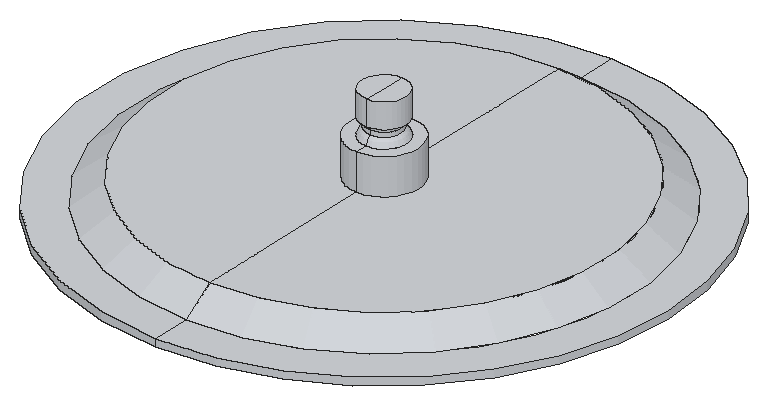
Revit family "BRG-GRF-DCH_ BRIGGS REG. RED. SLIM ABS CROMO 30 CM", category Aparatos sanitarios, Revit 2020 (continued)
Definition of nested family "REJILLA"
  Automatic sketch dimensions
    profile plane to SweptBlend 18 sketch curve = 0.00 m  (x2)
    SweptBlend 18 sketch curve to profile plane = 0.00 m  (x2)
    SweptBlend 19 sketch curve to level = 0.056 m
    SweptBlend 19 sketch curve to SweptBlend 19 sketch curve = 0.003 m
    profile plane to SweptBlend 19 sketch curve = 0.00 m  (x2)
    SweptBlend 19 sketch curve to profile plane = 0.00 m  (x2)
    plane 3 "Centro (Izquierda/Derecha)" to SweptBlend 20 sketch curve = 0.032 m
    SweptBlend 20 sketch curve to level = 0.059 m
    SweptBlend 20 sketch curve to SweptBlend 20 sketch curve = 0.003 m
    SweptBlend 20 sketch curve to profile plane = 0.00 m  (x4)
    SweptBlend 21 sketch curve to level = 0.056 m
    SweptBlend 21 sketch curve to SweptBlend 21 sketch curve = 0.003 m
    SweptBlend 21 sketch curve to profile plane = 0.00 m  (x4)
    SweptBlend 22 sketch curve to level = 0.056 m
    SweptBlend 22 sketch curve to SweptBlend 22 sketch curve = 0.003 m
    SweptBlend 22 sketch curve to profile plane = 0.00 m  (x4)
    SweptBlend 23 sketch curve to level = 0.056 m
    SweptBlend 23 sketch curve to SweptBlend 23 sketch curve = 0.003 m
    SweptBlend 23 sketch curve to profile plane = 0.00 m  (x2)
    profile plane to SweptBlend 23 sketch curve = 0.00 m  (x2)
    SweptBlend 24 sketch curve to level = 0.056 m
    SweptBlend 24 sketch curve to SweptBlend 24 sketch curve = 0.003 m
    SweptBlend 24 sketch curve to profile plane = 0.00 m  (x2)
    profile plane to SweptBlend 24 sketch curve = 0.00 m  (x2)
    SweptBlend 25 sketch curve to level = 0.056 m
    SweptBlend 25 sketch curve to SweptBlend 25 sketch curve = 0.003 m
    SweptBlend 25 sketch curve to profile plane = 0.00 m  (x2)
    profile plane to SweptBlend 25 sketch curve = 0.00 m  (x2)
    SweptBlend 26 sketch curve to plane 3 "Centro (Izquierda/Derecha)" = 0.052 m
    SweptBlend 26 sketch curve to level = 0.059 m
    SweptBlend 26 sketch curve to SweptBlend 26 sketch curve = 0.003 m
    SweptBlend 26 sketch curve to profile plane = 0.00 m  (x2)
    profile plane to SweptBlend 26 sketch curve = 0.00 m  (x2)
    SweptBlend 27 sketch curve to level = 0.056 m
    SweptBlend 27 sketch curve to SweptBlend 27 sketch curve = 0.003 m
    profile plane to SweptBlend 27 sketch curve = 0.00 m  (x4)
    SweptBlend 28 sketch curve to level = 0.056 m
    SweptBlend 28 sketch curve to SweptBlend 28 sketch curve = 0.003 m
    profile plane to SweptBlend 28 sketch curve = 0.00 m  (x4)
    SweptBlend 29 sketch curve to level = 0.056 m
    SweptBlend 29 sketch curve to SweptBlend 29 sketch curve = 0.003 m
    profile plane to SweptBlend 29 sketch curve = 0.00 m  (x4)
    SweptBlend 30 sketch curve to plane 1 "Centro (Frontal/Posterior)" = 0.052 m
    SweptBlend 30 sketch curve to level = 0.059 m
    SweptBlend 30 sketch curve to SweptBlend 30 sketch curve = 0.003 m
    profile plane to SweptBlend 30 sketch curve = 0.00 m  (x2)
    SweptBlend 30 sketch curve to profile plane = 0.00 m  (x2)
    SweptBlend 31 sketch curve to level = 0.056 m
    SweptBlend 31 sketch curve to SweptBlend 31 sketch curve = 0.003 m
    profile plane to SweptBlend 31 sketch curve = 0.00 m  (x2)
    SweptBlend 31 sketch curve to profile plane = 0.00 m  (x2)
    SweptBlend 32 sketch curve to level = 0.056 m
    SweptBlend 32 sketch curve to SweptBlend 32 sketch curve = 0.003 m
    profile plane to SweptBlend 32 sketch curve = 0.00 m  (x2)
    SweptBlend 32 sketch curve to profile plane = 0.00 m  (x2)
    SweptBlend 33 sketch curve to level = 0.056 m
    SweptBlend 33 sketch curve to SweptBlend 33 sketch curve = 0.003 m
    profile plane to SweptBlend 33 sketch curve = 0.00 m  (x2)
    SweptBlend 33 sketch curve to profile plane = 0.00 m  (x2)
    plane 3 "Centro (Izquierda/Derecha)" to SweptBlend 34 sketch curve = 0.052 m
    SweptBlend 34 sketch curve to level = 0.059 m
    SweptBlend 34 sketch curve to SweptBlend 34 sketch curve = 0.003 m
    SweptBlend 34 sketch curve to profile plane = 0.00 m  (x4)
    SweptBlend 35 sketch curve to level = 0.056 m
    SweptBlend 35 sketch curve to SweptBlend 35 sketch curve = 0.003 m
    SweptBlend 35 sketch curve to profile plane = 0.00 m  (x4)
    SweptBlend 36 sketch curve to level = 0.056 m
    SweptBlend 36 sketch curve to SweptBlend 36 sketch curve = 0.003 m
    SweptBlend 36 sketch curve to profile plane = 0.00 m  (x4)
    SweptBlend 37 sketch curve to level = 0.056 m
    SweptBlend 37 sketch curve to SweptBlend 37 sketch curve = 0.003 m
    SweptBlend 37 sketch curve to profile plane = 0.00 m  (x4)
    SweptBlend 38 sketch curve to level = 0.056 m
    SweptBlend 38 sketch curve to SweptBlend 38 sketch curve = 0.003 m
    SweptBlend 38 sketch curve to profile plane = 0.00 m  (x2)
    profile plane to SweptBlend 38 sketch curve = 0.00 m  (x2)
    SweptBlend 39 sketch curve to level = 0.056 m
    SweptBlend 39 sketch curve to SweptBlend 39 sketch curve = 0.003 m
    SweptBlend 39 sketch curve to profile plane = 0.00 m  (x2)
    profile plane to SweptBlend 39 sketch curve = 0.00 m  (x2)
    SweptBlend 40 sketch curve to level = 0.056 m
    SweptBlend 40 sketch curve to SweptBlend 40 sketch curve = 0.003 m
    SweptBlend 40 sketch curve to profile plane = 0.00 m  (x2)
    profile plane to SweptBlend 40 sketch curve = 0.00 m  (x2)
    SweptBlend 41 sketch curve to level = 0.056 m
    SweptBlend 41 sketch curve to SweptBlend 41 sketch curve = 0.003 m
    SweptBlend 41 sketch curve to profile plane = 0.00 m  (x2)
    profile plane to SweptBlend 41 sketch curve = 0.00 m  (x2)
    SweptBlend 42 sketch curve to level = 0.056 m
    SweptBlend 42 sketch curve to SweptBlend 42 sketch curve = 0.003 m
    SweptBlend 42 sketch curve to profile plane = 0.00 m  (x2)
    profile plane to SweptBlend 42 sketch curve = 0.00 m  (x2)
    SweptBlend 43 sketch curve to plane 3 "Centro (Izquierda/Derecha)" = 0.073 m
    SweptBlend 43 sketch curve to level = 0.059 m
    SweptBlend 43 sketch curve to SweptBlend 43 sketch curve = 0.003 m
    SweptBlend 43 sketch curve to profile plane = 0.00 m  (x2)
    profile plane to SweptBlend 43 sketch curve = 0.00 m  (x2)
    SweptBlend 44 sketch curve to level = 0.056 m
    SweptBlend 44 sketch curve to SweptBlend 44 sketch curve = 0.003 m
    profile plane to SweptBlend 44 sketch curve = 0.00 m  (x4)
    SweptBlend 45 sketch curve to level = 0.056 m
    SweptBlend 45 sketch curve to SweptBlend 45 sketch curve = 0.003 m
    profile plane to SweptBlend 45 sketch curve = 0.00 m  (x4)
    SweptBlend 46 sketch curve to level = 0.056 m
    SweptBlend 46 sketch curve to SweptBlend 46 sketch curve = 0.003 m
    profile plane to SweptBlend 46 sketch curve = 0.00 m  (x4)
    SweptBlend 47 sketch curve to level = 0.056 m
    SweptBlend 47 sketch curve to SweptBlend 47 sketch curve = 0.003 m
    profile plane to SweptBlend 47 sketch curve = 0.00 m  (x4)
    SweptBlend 48 sketch curve to level = 0.056 m
    SweptBlend 48 sketch curve to SweptBlend 48 sketch curve = 0.003 m
    profile plane to SweptBlend 48 sketch curve = 0.00 m  (x4)
    SweptBlend 49 sketch curve to plane 1 "Centro (Frontal/Posterior)" = 0.073 m
    SweptBlend 49 sketch curve to level = 0.059 m
    SweptBlend 49 sketch curve to SweptBlend 49 sketch curve = 0.003 m
    profile plane to SweptBlend 49 sketch curve = 0.00 m  (x2)
    SweptBlend 49 sketch curve to profile plane = 0.00 m  (x2)
    SweptBlend 50 sketch curve to level = 0.056 m
    SweptBlend 50 sketch curve to SweptBlend 50 sketch curve = 0.003 m
    profile plane to SweptBlend 50 sketch curve = 0.00 m  (x2)
    SweptBlend 50 sketch curve to profile plane = 0.00 m  (x2)
    SweptBlend 51 sketch curve to level = 0.056 m
    SweptBlend 51 sketch curve to SweptBlend 51 sketch curve = 0.003 m
    profile plane to SweptBlend 51 sketch curve = 0.00 m  (x2)
    SweptBlend 51 sketch curve to profile plane = 0.00 m  (x2)
    SweptBlend 52 sketch curve to level = 0.056 m
    SweptBlend 52 sketch curve to SweptBlend 52 sketch curve = 0.003 m
    profile plane to SweptBlend 52 sketch curve = 0.00 m  (x2)
    SweptBlend 52 sketch curve to profile plane = 0.00 m  (x2)
    SweptBlend 53 sketch curve to level = 0.056 m
    SweptBlend 53 sketch curve to SweptBlend 53 sketch curve = 0.003 m
    profile plane to SweptBlend 53 sketch curve = 0.00 m  (x2)
    SweptBlend 53 sketch curve to profile plane = 0.00 m  (x2)
    SweptBlend 54 sketch curve to level = 0.056 m
    SweptBlend 54 sketch curve to SweptBlend 54 sketch curve = 0.003 m
    profile plane to SweptBlend 54 sketch curve = 0.00 m  (x2)
    SweptBlend 54 sketch curve to profile plane = 0.00 m  (x2)
    plane 3 "Centro (Izquierda/Derecha)" to SweptBlend 55 sketch curve = 0.073 m
    SweptBlend 55 sketch curve to level = 0.059 m
    SweptBlend 55 sketch curve to SweptBlend 55 sketch curve = 0.003 m
    SweptBlend 55 sketch curve to profile plane = 0.00 m  (x4)
    SweptBlend 56 sketch curve to level = 0.056 m
    SweptBlend 56 sketch curve to SweptBlend 56 sketch curve = 0.003 m
    SweptBlend 56 sketch curve to profile plane = 0.00 m  (x4)
    SweptBlend 57 sketch curve to level = 0.056 m
    SweptBlend 57 sketch curve to SweptBlend 57 sketch curve = 0.003 m
    SweptBlend 57 sketch curve to profile plane = 0.00 m  (x4)
    SweptBlend 58 sketch curve to level = 0.056 m
    SweptBlend 58 sketch curve to SweptBlend 58 sketch curve = 0.003 m
    SweptBlend 58 sketch curve to profile plane = 0.00 m  (x4)
    SweptBlend 59 sketch curve to level = 0.056 m
    SweptBlend 59 sketch curve to SweptBlend 59 sketch curve = 0.003 m
    SweptBlend 59 sketch curve to profile plane = 0.00 m  (x4)
    SweptBlend 60 sketch curve to level = 0.056 m
    SweptBlend 60 sketch curve to SweptBlend 60 sketch curve = 0.003 m
    SweptBlend 60 sketch curve to profile plane = 0.00 m  (x4)
    SweptBlend 61 sketch curve to level = 0.056 m
    SweptBlend 61 sketch curve to SweptBlend 61 sketch curve = 0.003 m
    SweptBlend 61 sketch curve to profile plane = 0.00 m  (x2)
    profile plane to SweptBlend 61 sketch curve = 0.00 m  (x2)
    SweptBlend 62 sketch curve to level = 0.056 m
    SweptBlend 62 sketch curve to SweptBlend 62 sketch curve = 0.003 m
    SweptBlend 62 sketch curve to profile plane = 0.00 m  (x2)
    profile plane to SweptBlend 62 sketch curve = 0.00 m  (x2)
    SweptBlend 63 sketch curve to level = 0.056 m
    SweptBlend 63 sketch curve to SweptBlend 63 sketch curve = 0.003 m
    SweptBlend 63 sketch curve to profile plane = 0.00 m  (x2)
    profile plane to SweptBlend 63 sketch curve = 0.00 m  (x2)
    SweptBlend 64 sketch curve to level = 0.056 m
    SweptBlend 64 sketch curve to SweptBlend 64 sketch curve = 0.003 m
    SweptBlend 64 sketch curve to profile plane = 0.00 m  (x2)
    profile plane to SweptBlend 64 sketch curve = 0.00 m  (x2)
    SweptBlend 65 sketch curve to level = 0.056 m
    SweptBlend 65 sketch curve to SweptBlend 65 sketch curve = 0.003 m
    SweptBlend 65 sketch curve to profile plane = 0.00 m  (x2)
    profile plane to SweptBlend 65 sketch curve = 0.00 m  (x2)
    SweptBlend 66 sketch curve to plane 3 "Centro (Izquierda/Derecha)" = 0.093 m
    SweptBlend 66 sketch curve to level = 0.059 m
    SweptBlend 66 sketch curve to SweptBlend 66 sketch curve = 0.003 m
    SweptBlend 66 sketch curve to profile plane = 0.00 m  (x2)
    profile plane to SweptBlend 66 sketch curve = 0.00 m  (x2)
    SweptBlend 67 sketch curve to level = 0.056 m
    SweptBlend 67 sketch curve to SweptBlend 67 sketch curve = 0.003 m
    profile plane to SweptBlend 67 sketch curve = 0.00 m  (x4)
    SweptBlend 68 sketch curve to level = 0.056 m
    SweptBlend 68 sketch curve to SweptBlend 68 sketch curve = 0.003 m
    profile plane to SweptBlend 68 sketch curve = 0.00 m  (x4)
    SweptBlend 69 sketch curve to level = 0.056 m
    SweptBlend 69 sketch curve to SweptBlend 69 sketch curve = 0.003 m
    profile plane to SweptBlend 69 sketch curve = 0.00 m  (x4)
    SweptBlend 70 sketch curve to level = 0.056 m
    SweptBlend 70 sketch curve to SweptBlend 70 sketch curve = 0.003 m
    profile plane to SweptBlend 70 sketch curve = 0.00 m  (x4)
    SweptBlend 71 sketch curve to level = 0.056 m
    SweptBlend 71 sketch curve to SweptBlend 71 sketch curve = 0.003 m
    profile plane to SweptBlend 71 sketch curve = 0.00 m  (x4)
    SweptBlend 72 sketch curve to plane 1 "Centro (Frontal/Posterior)" = 0.093 m
    SweptBlend 72 sketch curve to level = 0.059 m
    SweptBlend 72 sketch curve to SweptBlend 72 sketch curve = 0.003 m
    profile plane to SweptBlend 72 sketch curve = 0.00 m  (x2)
    SweptBlend 72 sketch curve to profile plane = 0.00 m  (x2)
    SweptBlend 73 sketch curve to level = 0.056 m
    SweptBlend 73 sketch curve to SweptBlend 73 sketch curve = 0.003 m
    profile plane to SweptBlend 73 sketch curve = 0.00 m  (x2)
    SweptBlend 73 sketch curve to profile plane = 0.00 m  (x2)
    SweptBlend 74 sketch curve to level = 0.056 m
    SweptBlend 74 sketch curve to SweptBlend 74 sketch curve = 0.003 m
    profile plane to SweptBlend 74 sketch curve = 0.00 m  (x2)
    SweptBlend 74 sketch curve to profile plane = 0.00 m  (x2)
    SweptBlend 75 sketch curve to level = 0.056 m
    SweptBlend 75 sketch curve to SweptBlend 75 sketch curve = 0.003 m
    profile plane to SweptBlend 75 sketch curve = 0.00 m  (x2)
    SweptBlend 75 sketch curve to profile plane = 0.00 m  (x2)
    SweptBlend 76 sketch curve to level = 0.056 m
    SweptBlend 76 sketch curve to SweptBlend 76 sketch curve = 0.003 m
    profile plane to SweptBlend 76 sketch curve = 0.00 m  (x2)
    SweptBlend 76 sketch curve to profile plane = 0.00 m  (x2)
    SweptBlend 77 sketch curve to level = 0.056 m
    SweptBlend 77 sketch curve to SweptBlend 77 sketch curve = 0.003 m
    profile plane to SweptBlend 77 sketch curve = 0.00 m  (x2)
    SweptBlend 77 sketch curve to profile plane = 0.00 m  (x2)
    plane 3 "Centro (Izquierda/Derecha)" to SweptBlend 78 sketch curve = 0.093 m
    SweptBlend 78 sketch curve to level = 0.059 m
    SweptBlend 78 sketch curve to SweptBlend 78 sketch curve = 0.003 m
    SweptBlend 78 sketch curve to profile plane = 0.00 m  (x4)
    SweptBlend 79 sketch curve to level = 0.056 m
    SweptBlend 79 sketch curve to SweptBlend 79 sketch curve = 0.003 m
    SweptBlend 79 sketch curve to profile plane = 0.00 m  (x4)
    SweptBlend 80 sketch curve to level = 0.056 m
    SweptBlend 80 sketch curve to SweptBlend 80 sketch curve = 0.003 m
    SweptBlend 80 sketch curve to profile plane = 0.00 m  (x4)
    SweptBlend 81 sketch curve to level = 0.056 m
    SweptBlend 81 sketch curve to SweptBlend 81 sketch curve = 0.003 m
    SweptBlend 81 sketch curve to profile plane = 0.00 m  (x4)
    SweptBlend 82 sketch curve to level = 0.056 m
    SweptBlend 82 sketch curve to SweptBlend 82 sketch curve = 0.003 m
    SweptBlend 82 sketch curve to profile plane = 0.00 m  (x4)
    SweptBlend 83 sketch curve to level = 0.056 m
    SweptBlend 83 sketch curve to SweptBlend 83 sketch curve = 0.003 m
    SweptBlend 83 sketch curve to profile plane = 0.00 m  (x4)
    SweptBlend 84 sketch curve to level = 0.056 m
    SweptBlend 84 sketch curve to SweptBlend 84 sketch curve = 0.003 m
    SweptBlend 84 sketch curve to profile plane = 0.00 m  (x2)
    profile plane to SweptBlend 84 sketch curve = 0.00 m  (x2)
    SweptBlend 85 sketch curve to level = 0.056 m
    SweptBlend 85 sketch curve to SweptBlend 85 sketch curve = 0.003 m
    SweptBlend 85 sketch curve to profile plane = 0.00 m  (x2)
    profile plane to SweptBlend 85 sketch curve = 0.00 m  (x2)
    SweptBlend 86 sketch curve to level = 0.056 m
    SweptBlend 86 sketch curve to SweptBlend 86 sketch curve = 0.003 m
    SweptBlend 86 sketch curve to profile plane = 0.00 m  (x2)
    profile plane to SweptBlend 86 sketch curve = 0.00 m  (x2)
    SweptBlend 87 sketch curve to level = 0.056 m
    SweptBlend 87 sketch curve to SweptBlend 87 sketch curve = 0.003 m
    SweptBlend 87 sketch curve to profile plane = 0.00 m  (x2)
    profile plane to SweptBlend 87 sketch curve = 0.00 m  (x2)
    SweptBlend 88 sketch curve to level = 0.056 m
    SweptBlend 88 sketch curve to SweptBlend 88 sketch curve = 0.003 m
    SweptBlend 88 sketch curve to profile plane = 0.00 m  (x2)
    profile plane to SweptBlend 88 sketch curve = 0.00 m  (x2)
    SweptBlend 89 sketch curve to level = 0.056 m
    SweptBlend 89 sketch curve to plane 3 "Centro (Izquierda/Derecha)" = 0.114 m
    SweptBlend 89 sketch curve to SweptBlend 89 sketch curve = 0.003 m
    SweptBlend 89 sketch curve to profile plane = 0.00 m  (x2)
    profile plane to SweptBlend 89 sketch curve = 0.00 m  (x2)
    SweptBlend 90 sketch curve to level = 0.056 m
    SweptBlend 90 sketch curve to SweptBlend 90 sketch curve = 0.003 m
    profile plane to SweptBlend 90 sketch curve = 0.00 m  (x4)
    SweptBlend 91 sketch curve to level = 0.056 m
    SweptBlend 91 sketch curve to SweptBlend 91 sketch curve = 0.003 m
    profile plane to SweptBlend 91 sketch curve = 0.00 m  (x4)
    SweptBlend 92 sketch curve to level = 0.056 m
    SweptBlend 92 sketch curve to SweptBlend 92 sketch curve = 0.003 m
    profile plane to SweptBlend 92 sketch curve = 0.00 m  (x4)
    SweptBlend 93 sketch curve to level = 0.056 m
    SweptBlend 93 sketch curve to SweptBlend 93 sketch curve = 0.003 m
    profile plane to SweptBlend 93 sketch curve = 0.00 m  (x4)
    SweptBlend 94 sketch curve to level = 0.056 m
    SweptBlend 94 sketch curve to SweptBlend 94 sketch curve = 0.003 m
    profile plane to SweptBlend 94 sketch curve = 0.00 m  (x4)
    SweptBlend 95 sketch curve to level = 0.056 m
    SweptBlend 95 sketch curve to plane 1 "Centro (Frontal/Posterior)" = 0.114 m
    SweptBlend 95 sketch curve to SweptBlend 95 sketch curve = 0.003 m
    profile plane to SweptBlend 95 sketch curve = 0.00 m  (x2)
    SweptBlend 95 sketch curve to profile plane = 0.00 m  (x2)
    SweptBlend 96 sketch curve to level = 0.056 m
    SweptBlend 96 sketch curve to SweptBlend 96 sketch curve = 0.003 m
    profile plane to SweptBlend 96 sketch curve = 0.00 m  (x2)
    SweptBlend 96 sketch curve to profile plane = 0.00 m  (x2)
    SweptBlend 97 sketch curve to level = 0.056 m
    SweptBlend 97 sketch curve to SweptBlend 97 sketch curve = 0.003 m
    profile plane to SweptBlend 97 sketch curve = 0.00 m  (x2)
    SweptBlend 97 sketch curve to profile plane = 0.00 m  (x2)
    SweptBlend 98 sketch curve to level = 0.056 m
    SweptBlend 98 sketch curve to SweptBlend 98 sketch curve = 0.003 m
    profile plane to SweptBlend 98 sketch curve = 0.00 m  (x2)
    SweptBlend 98 sketch curve to profile plane = 0.00 m  (x2)
    SweptBlend 99 sketch curve to level = 0.056 m
    SweptBlend 99 sketch curve to SweptBlend 99 sketch curve = 0.003 m
    profile plane to SweptBlend 99 sketch curve = 0.00 m  (x2)
    SweptBlend 99 sketch curve to profile plane = 0.00 m  (x2)
    SweptBlend 100 sketch curve to level = 0.056 m
    SweptBlend 100 sketch curve to SweptBlend 100 sketch curve = 0.003 m
    profile plane to SweptBlend 100 sketch curve = 0.00 m  (x2)
    SweptBlend 100 sketch curve to profile plane = 0.00 m  (x2)
    SweptBlend 101 sketch curve to level = 0.056 m
    plane 3 "Centro (Izquierda/Derecha)" to SweptBlend 101 sketch curve = 0.114 m
    SweptBlend 101 sketch curve to SweptBlend 101 sketch curve = 0.003 m
    SweptBlend 101 sketch curve to profile plane = 0.00 m  (x4)
    SweptBlend 102 sketch curve to level = 0.056 m
    SweptBlend 102 sketch curve to SweptBlend 102 sketch curve = 0.003 m
    SweptBlend 102 sketch curve to profile plane = 0.00 m  (x4)
    SweptBlend 103 sketch curve to level = 0.056 m
    SweptBlend 103 sketch curve to SweptBlend 103 sketch curve = 0.003 m
    SweptBlend 103 sketch curve to profile plane = 0.00 m  (x4)
    SweptBlend 104 sketch curve to level = 0.056 m
    SweptBlend 104 sketch curve to SweptBlend 104 sketch curve = 0.003 m
    SweptBlend 104 sketch curve to profile plane = 0.00 m  (x4)
    SweptBlend 105 sketch curve to level = 0.056 m
    SweptBlend 105 sketch curve to SweptBlend 105 sketch curve = 0.003 m
    SweptBlend 105 sketch curve to profile plane = 0.00 m  (x4)
    radius of SweptBlend 2 sketch curve = 0.0015 m
    radius of SweptBlend 2 sketch curve = 0.003 m
    radius of SweptBlend 3 sketch curve = 0.0015 m
    radius of SweptBlend 3 sketch curve = 0.003 m
    radius of SweptBlend 4 sketch curve = 0.0015 m
    radius of SweptBlend 4 sketch curve = 0.003 m
    radius of SweptBlend 5 sketch curve = 0.0015 m
    radius of SweptBlend 5 sketch curve = 0.003 m
    radius of SweptBlend 6 sketch curve = 0.0015 m
    radius of SweptBlend 6 sketch curve = 0.003 m
    radius of SweptBlend 7 sketch curve = 0.0015 m
    radius of SweptBlend 7 sketch curve = 0.003 m
    radius of SweptBlend 8 sketch curve = 0.0015 m
    radius of SweptBlend 8 sketch curve = 0.003 m
    radius of SweptBlend 9 sketch curve = 0.0015 m
    radius of SweptBlend 9 sketch curve = 0.003 m
    radius of SweptBlend 10 sketch curve = 0.0015 m
    radius of SweptBlend 10 sketch curve = 0.003 m
    radius of SweptBlend 11 sketch curve = 0.0015 m
    radius of SweptBlend 11 sketch curve = 0.003 m
    radius of SweptBlend 12 sketch curve = 0.0015 m
    radius of SweptBlend 12 sketch curve = 0.003 m
    radius of SweptBlend 13 sketch curve = 0.0015 m
    radius of SweptBlend 13 sketch curve = 0.003 m
    radius of SweptBlend 14 sketch curve = 0.0015 m
    radius of SweptBlend 14 sketch curve = 0.003 m
    radius of SweptBlend 15 sketch curve = 0.0015 m
    radius of SweptBlend 15 sketch curve = 0.003 m
    radius of SweptBlend 16 sketch curve = 0.0015 m
    radius of SweptBlend 16 sketch curve = 0.003 m
    radius of SweptBlend 17 sketch curve = 0.0015 m
    radius of SweptBlend 17 sketch curve = 0.003 m
    radius of SweptBlend 18 sketch curve = 0.0015 m
    radius of SweptBlend 18 sketch curve = 0.003 m
    radius of SweptBlend 19 sketch curve = 0.0015 m
    radius of SweptBlend 19 sketch curve = 0.003 m
    radius of SweptBlend 20 sketch curve = 0.0015 m
    radius of SweptBlend 20 sketch curve = 0.003 m
    radius of SweptBlend 21 sketch curve = 0.0015 m
    radius of SweptBlend 21 sketch curve = 0.003 m
    radius of SweptBlend 22 sketch curve = 0.0015 m
    radius of SweptBlend 22 sketch curve = 0.003 m
    radius of SweptBlend 23 sketch curve = 0.0015 m
    radius of SweptBlend 23 sketch curve = 0.003 m
    radius of SweptBlend 24 sketch curve = 0.0015 m
    radius of SweptBlend 24 sketch curve = 0.003 m
    radius of SweptBlend 25 sketch curve = 0.0015 m
    radius of SweptBlend 25 sketch curve = 0.003 m
    radius of SweptBlend 26 sketch curve = 0.0015 m
    radius of SweptBlend 26 sketch curve = 0.003 m
    radius of SweptBlend 27 sketch curve = 0.0015 m
    radius of SweptBlend 27 sketch curve = 0.003 m
    radius of SweptBlend 28 sketch curve = 0.0015 m
    radius of SweptBlend 28 sketch curve = 0.003 m
    radius of SweptBlend 29 sketch curve = 0.0015 m
    radius of SweptBlend 29 sketch curve = 0.003 m
    radius of SweptBlend 30 sketch curve = 0.0015 m
    radius of SweptBlend 30 sketch curve = 0.003 m
    radius of SweptBlend 31 sketch curve = 0.0015 m
    radius of SweptBlend 31 sketch curve = 0.003 m
    radius of SweptBlend 32 sketch curve = 0.0015 m
    radius of SweptBlend 32 sketch curve = 0.003 m
    radius of SweptBlend 33 sketch curve = 0.0015 m
    radius of SweptBlend 33 sketch curve = 0.003 m
    radius of SweptBlend 34 sketch curve = 0.0015 m
    radius of SweptBlend 34 sketch curve = 0.003 m
    radius of SweptBlend 35 sketch curve = 0.0015 m
    radius of SweptBlend 35 sketch curve = 0.003 m
    radius of SweptBlend 36 sketch curve = 0.0015 m
    radius of SweptBlend 36 sketch curve = 0.003 m
    radius of SweptBlend 37 sketch curve = 0.0015 m
    radius of SweptBlend 37 sketch curve = 0.003 m
    radius of SweptBlend 38 sketch curve = 0.0015 m
    radius of SweptBlend 38 sketch curve = 0.003 m
    radius of SweptBlend 39 sketch curve = 0.0015 m
    radius of SweptBlend 39 sketch curve = 0.003 m
    radius of SweptBlend 40 sketch curve = 0.0015 m
    radius of SweptBlend 40 sketch curve = 0.003 m
    radius of SweptBlend 41 sketch curve = 0.0015 m
    radius of SweptBlend 41 sketch curve = 0.003 m
    radius of SweptBlend 42 sketch curve = 0.0015 m
    radius of SweptBlend 42 sketch curve = 0.003 m
    radius of SweptBlend 43 sketch curve = 0.0015 m
    radius of SweptBlend 43 sketch curve = 0.003 m
    radius of SweptBlend 44 sketch curve = 0.0015 m
    radius of SweptBlend 44 sketch curve = 0.003 m
    radius of SweptBlend 45 sketch curve = 0.0015 m
    radius of SweptBlend 45 sketch curve = 0.003 m
    radius of SweptBlend 46 sketch curve = 0.0015 m
    radius of SweptBlend 46 sketch curve = 0.003 m
    radius of SweptBlend 47 sketch curve = 0.0015 m
    radius of SweptBlend 47 sketch curve = 0.003 m
    radius of SweptBlend 48 sketch curve = 0.0015 m
    radius of SweptBlend 48 sketch curve = 0.003 m
    radius of SweptBlend 49 sketch curve = 0.0015 m
    radius of SweptBlend 49 sketch curve = 0.003 m
    radius of SweptBlend 50 sketch curve = 0.0015 m
    radius of SweptBlend 50 sketch curve = 0.003 m
    radius of SweptBlend 51 sketch curve = 0.0015 m
    radius of SweptBlend 51 sketch curve = 0.003 m
    radius of SweptBlend 52 sketch curve = 0.0015 m
    radius of SweptBlend 52 sketch curve = 0.003 m
    radius of SweptBlend 53 sketch curve = 0.0015 m
    radius of SweptBlend 53 sketch curve = 0.003 m
    radius of SweptBlend 54 sketch curve = 0.0015 m
    radius of SweptBlend 54 sketch curve = 0.003 m
    radius of SweptBlend 55 sketch curve = 0.0015 m
    radius of SweptBlend 55 sketch curve = 0.003 m
    radius of SweptBlend 56 sketch curve = 0.0015 m
    radius of SweptBlend 56 sketch curve = 0.003 m
    radius of SweptBlend 57 sketch curve = 0.0015 m
    radius of SweptBlend 57 sketch curve = 0.003 m
    radius of SweptBlend 58 sketch curve = 0.0015 m
    radius of SweptBlend 58 sketch curve = 0.003 m
    radius of SweptBlend 59 sketch curve = 0.0015 m
    radius of SweptBlend 59 sketch curve = 0.003 m
    radius of SweptBlend 60 sketch curve = 0.0015 m
    radius of SweptBlend 60 sketch curve = 0.003 m
    radius of SweptBlend 61 sketch curve = 0.0015 m
    radius of SweptBlend 61 sketch curve = 0.003 m
    radius of SweptBlend 62 sketch curve = 0.0015 m
    radius of SweptBlend 62 sketch curve = 0.003 m
    radius of SweptBlend 63 sketch curve = 0.0015 m
    radius of SweptBlend 63 sketch curve = 0.003 m
    radius of SweptBlend 64 sketch curve = 0.0015 m
    radius of SweptBlend 64 sketch curve = 0.003 m
    radius of SweptBlend 65 sketch curve = 0.0015 m
    radius of SweptBlend 65 sketch curve = 0.003 m
    radius of SweptBlend 66 sketch curve = 0.0015 m
    radius of SweptBlend 66 sketch curve = 0.003 m
    radius of SweptBlend 67 sketch curve = 0.0015 m
    radius of SweptBlend 67 sketch curve = 0.003 m
    radius of SweptBlend 68 sketch curve = 0.0015 m
    radius of SweptBlend 68 sketch curve = 0.003 m
    radius of SweptBlend 69 sketch curve = 0.0015 m
    radius of SweptBlend 69 sketch curve = 0.003 m
    radius of SweptBlend 70 sketch curve = 0.0015 m
    radius of SweptBlend 70 sketch curve = 0.003 m
    radius of SweptBlend 71 sketch curve = 0.0015 m
    radius of SweptBlend 71 sketch curve = 0.003 m
    radius of SweptBlend 72 sketch curve = 0.0015 m
    radius of SweptBlend 72 sketch curve = 0.003 m
    radius of SweptBlend 73 sketch curve = 0.0015 m
    radius of SweptBlend 73 sketch curve = 0.003 m
    radius of SweptBlend 74 sketch curve = 0.0015 m
    radius of SweptBlend 74 sketch curve = 0.003 m
    radius of SweptBlend 75 sketch curve = 0.0015 m
    radius of SweptBlend 75 sketch curve = 0.003 m
    radius of SweptBlend 76 sketch curve = 0.0015 m
    radius of SweptBlend 76 sketch curve = 0.003 m
    radius of SweptBlend 77 sketch curve = 0.0015 m
    radius of SweptBlend 77 sketch curve = 0.003 m
    radius of SweptBlend 78 sketch curve = 0.0015 m
    radius of SweptBlend 78 sketch curve = 0.003 m
    radius of SweptBlend 79 sketch curve = 0.0015 m
    radius of SweptBlend 79 sketch curve = 0.003 m
    radius of SweptBlend 80 sketch curve = 0.0015 m
    radius of SweptBlend 80 sketch curve = 0.003 m
    radius of SweptBlend 81 sketch curve = 0.0015 m
    radius of SweptBlend 81 sketch curve = 0.003 m
    radius of SweptBlend 82 sketch curve = 0.0015 m
    radius of SweptBlend 82 sketch curve = 0.003 m
    radius of SweptBlend 83 sketch curve = 0.0015 m
    radius of SweptBlend 83 sketch curve = 0.003 m
    radius of SweptBlend 84 sketch curve = 0.0015 m
    radius of SweptBlend 84 sketch curve = 0.003 m
    radius of SweptBlend 85 sketch curve = 0.0015 m
    radius of SweptBlend 85 sketch curve = 0.003 m
    radius of SweptBlend 86 sketch curve = 0.0015 m
    radius of SweptBlend 86 sketch curve = 0.003 m
    radius of SweptBlend 87 sketch curve = 0.0015 m
    radius of SweptBlend 87 sketch curve = 0.003 m
    radius of SweptBlend 88 sketch curve = 0.0015 m
    radius of SweptBlend 88 sketch curve = 0.003 m
    radius of SweptBlend 89 sketch curve = 0.0015 m
    radius of SweptBlend 89 sketch curve = 0.003 m
    radius of SweptBlend 90 sketch curve = 0.0015 m
    radius of SweptBlend 90 sketch curve = 0.003 m
    radius of SweptBlend 91 sketch curve = 0.0015 m
    radius of SweptBlend 91 sketch curve = 0.003 m
    radius of SweptBlend 92 sketch curve = 0.0015 m
    radius of SweptBlend 92 sketch curve = 0.003 m
    radius of SweptBlend 93 sketch curve = 0.0015 m
    radius of SweptBlend 93 sketch curve = 0.003 m
    radius of SweptBlend 94 sketch curve = 0.0015 m
    radius of SweptBlend 94 sketch curve = 0.003 m
    radius of SweptBlend 95 sketch curve = 0.0015 m
    radius of SweptBlend 95 sketch curve = 0.003 m
    radius of SweptBlend 96 sketch curve = 0.0015 m
    radius of SweptBlend 96 sketch curve = 0.003 m
    radius of SweptBlend 97 sketch curve = 0.0015 m
    radius of SweptBlend 97 sketch curve = 0.003 m
    radius of SweptBlend 98 sketch curve = 0.0015 m
    radius of SweptBlend 98 sketch curve = 0.003 m
    radius of SweptBlend 99 sketch curve = 0.0015 m
    radius of SweptBlend 99 sketch curve = 0.003 m
    radius of SweptBlend 100 sketch curve = 0.0015 m
    radius of SweptBlend 100 sketch curve = 0.003 m
    radius of SweptBlend 101 sketch curve = 0.0015 m
    radius of SweptBlend 101 sketch curve = 0.003 m
    radius of SweptBlend 102 sketch curve = 0.0015 m
    radius of SweptBlend 102 sketch curve = 0.003 m
    radius of SweptBlend 103 sketch curve = 0.0015 m
    radius of SweptBlend 103 sketch curve = 0.003 m
    radius of SweptBlend 104 sketch curve = 0.0015 m
    radius of SweptBlend 104 sketch curve = 0.003 m
    radius of SweptBlend 105 sketch curve = 0.0015 m
    radius of SweptBlend 105 sketch curve = 0.003 m
